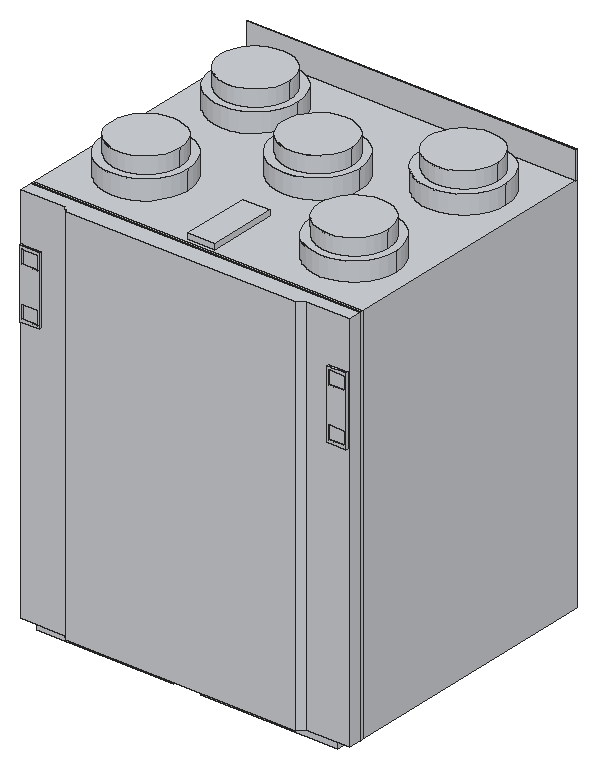
Revit family "210_76e816fbaf1c4786b9d23bb1a32386", category Mechanical Equipment, Revit 2018
Family settings
  Round Connector Dimension = Use Diameter
  Part Type = Breaks Into
  Work Plane-Based = No
  Always vertical = Yes
  Cut with Voids When Loaded = No
  Shared = No
  Room Calculation Point = No
Parameters (values of type "Nordic S2 RER (800110)")
  magiProductId = "76e816fbaf1c4786b9d23bb1a32386"
  magiProductFamilyId = "76e816fbaf1c4786b9d23bb1a32386"
  magiPartTypeId = 210
  fan_pressure_supply [instance] = 0.0 Pa
  fan_pressure_exhaust [instance] = 0.0 Pa
  fan_flow_supply [instance] = 0.0 L/s
  fan_flow_exhaust [instance] = 0.0 L/s
  ang2D [instance] = 0.00°
  YSUP = 370 mm
  YOUT = 370 mm
  YL = 508 mm
  YK = 215 mm
  YEXT = 120 mm
  YEXH = 120 mm
  XT = 50 mm
  XSUP = 110 mm
  XOUT = 490 mm
  XL = 250 mm
  XK = 300 mm
  XEXT = 110 mm
  XEXH = 490 mm
  W2 = 264 mm
  W0 = 518 mm
  W = 500 mm
  VersionID = "2.0/2018.8.28.1/FLEXIT_S3-S2-R_001"
  RC = 62.5 mm
  R1 = 77.5 mm
  R = 62.5 mm
  QmdConnectorList = "221;D;231;D;241;D;249;DC;251;D"
  Productdata [instance] = "© MagiCAD Group, all rights reserved"
  PValue [instance] = 100.0 Pa
  Manufacturer = "Flexit"
  Maintenance Zone Right Depth [instance] = 500 mm
  Maintenance Zone Over Depth [instance] = 500 mm
  MZONL__ve [instance] = -Maintenance Zone Left Depth  # -500 mm
  Maintenance Zone Left Depth [instance] = 500 mm
  MZONF__ve [instance] = -Maintenance Zone Front Depth  # -528 mm
  Maintenance Zone Front Depth [instance] = 528 mm
  Maintenance Zone Back Depth [instance] = 400 mm
  Maintenance Zone Top Visibility [instance] = no
  Maintenance Zone Right Visibility [instance] = no
  Maintenance Zone Left Visibility [instance] = no
  Maintenance Zone Back Visibility [instance] = no
  Maintenance Zone Front Visibility [instance] = no
  MC Ventilation Flow [instance] = 0.0 L/s
  MC Product Code = "Nordic S2 RER (800110)"
  MC Piping Flow [instance] = 0.0 L/s
  MC Cooling Flow [instance] = 0.0 L/s
  LD = 35 mm
  L2 = 300 mm
  HD = 125 mm
  HB = 700 mm
  H = 777 mm
  Description = "Nordic S2 RER (800110)"
  DW = 30 mm
  DL = 64 mm
  DH = 25 mm
  DC = 125 mm
  D = 125 mm
  Clearance Zone Right Depth [instance] = 500 mm
  Clearance Zone Left Depth [instance] = 500 mm
  Clearance Zone Height Depth [instance] = 500 mm
  Clearance Zone Front Depth = 500 mm
  Clearance Zone Back Depth [instance] = 500 mm
  Clearance Zone Visibility [instance] = no
Reference planes
  plane 1 "Center (Front/Back)": y = 0
  plane 2 "XYPLANE": z = 0
  plane 3 "Center (Left/Right)": x = 0
  plane 4 "336": z = 1277
  plane 5 "333": y = -154
  plane 6 "287": y = 262
  plane 7 "285": z = 518
  plane 8 "284": z = 608
  plane 9 "277": x = 280
  plane 10 "276": x = -280
  plane 11 "275": z = 563
  plane 12 "272": x = -300.2
  plane 13 "271": x = 300.2
  plane 14 "270": z = 12.8
  plane 15 "269": z = 713.2
  plane 16 "267": y = -224
  plane 17 "263": y = 5
  plane 18 "262": x = -150
  plane 19 "261": x = 150
  plane 20 "258": x = 220
  plane 21 "257": x = -220
  plane 22 "251": z = 713
  plane 23 "245": z = 13
  plane 24 "235": x = 210
  plane 25 "234": x = -210
  plane 26 "201": y = 49
  plane 27 "200": y = 144
  plane 28 "199": y = -106
  plane 29 "198": y = 144
  plane 30 "197": y = -106
  plane 31 "196": x = 0
  plane 32 "195": x = 190
  plane 33 "194": x = 190
  plane 34 "193": x = -190
  plane 35 "192": x = -190
  plane 36 "133": z = 0
  plane 37 "99": y = -254
  plane 38 "97": x = 300
  plane 39 "59": x = -800
  plane 40 "58": x = 800
  plane 41 "57": y = -764
  plane 42 "56": y = 764
  plane 43 "55": x = -300
  plane 44 "54": x = 300
  plane 45 "53": z = 777
  plane 46 "52": y = -264
  plane 47 "51": y = 264
  plane 48 "48": x = -300
  plane 49 "36": y = 264
  plane 50 "35": x = 0
Forms (mm)
  Blend 1, solid, visible <- "Clearance Zone Visibility"
    base sketch origin (-750, 0, 0) x (1, 0, 0) y (0, 1, 0)
      loop
        line (-50, 764) -> (-50, -764) -> (1550, -764) -> (1550, 764) -> (-50, 764)
    top sketch origin (-750, 0, 0) x (1, 0, 0) y (0, 1, 0)
      loop
        line (-50, 764) -> (-50, -764) -> (1550, -764) -> (1550, 764) -> (-50, 764)
    from 0 to 1277
  Extrusion 2, solid
    sketch origin (-750, 0, 713) x (1, 0, 0) y (0, 1, 0)
      loop
        line (775, -91.5) -> (725, -91.5) -> (725, -216.5) -> (775, -216.5) -> (775, -91.5)
    from 0 to 10
  Extrusion 3, solid
    sketch origin (-750, 0, 713) x (1, 0, 0) y (0, 1, 0)
      loop
        circle (750, 49) r 77.5
    from 0 to 35
  Extrusion 4, solid
    sketch origin (-750, 0, 713) x (1, 0, 0) y (0, 1, 0)
      loop
        circle (940, 144) r 77.5
    from 0 to 35
  Extrusion 5, solid
    sketch origin (-750, 0, 713) x (1, 0, 0) y (0, 1, 0)
      loop
        circle (940, -106) r 77.5
    from 0 to 35
  Extrusion 6, solid
    sketch origin (-750, 0, 713) x (1, 0, 0) y (0, 1, 0)
      loop
        circle (560, 144) r 77.5
    from 0 to 35
  Extrusion 7, solid
    sketch origin (-750, 0, 713) x (1, 0, 0) y (0, 1, 0)
      loop
        circle (560, -106) r 77.5
    from 0 to 35
  Extrusion 8, solid
    sketch origin (750, -254, 0) x (-1, 0, 0) y (0, 0, 1)
      loop
        line (455, 620.5) -> (455, 595.5) -> (485, 595.5) -> (485, 620.5) -> (455, 620.5)
    from 0 to -2
  Extrusion 9, solid
    sketch origin (750, -254, 0) x (-1, 0, 0) y (0, 0, 1)
      loop
        line (455, 530.5) -> (455, 505.5) -> (485, 505.5) -> (485, 530.5) -> (455, 530.5)
    from 0 to -2
  Extrusion 10, solid
    sketch origin (750, -254, 0) x (-1, 0, 0) y (0, 0, 1)
      loop
        line (1015, 620.5) -> (1015, 595.5) -> (1045, 595.5) -> (1045, 620.5) -> (1015, 620.5)
    from 0 to -2
  Extrusion 11, solid
    sketch origin (750, -254, 0) x (-1, 0, 0) y (0, 0, 1)
      loop
        line (1015, 530.5) -> (1015, 505.5) -> (1045, 505.5) -> (1045, 530.5) -> (1015, 530.5)
    from 0 to -2
  Extrusion 12, solid
    sketch origin (-750, 0, 713) x (1, 0, 0) y (0, 1, 0)
      loop
        line (450, 262) -> (1050, 262) -> (1050, 264) -> (450, 264) -> (450, 262)
    from 0 to 50
  Extrusion 13, solid
    sketch origin (750, -254, 0) x (-1, 0, 0) y (0, 0, 1)
      loop
        line (452.5, 625.5) -> (452.5, 500.5) -> (487.5, 500.5) -> (487.5, 625.5) -> (452.5, 625.5)
      loop
        line (455, 530.5) -> (455, 505.5) -> (485, 505.5) -> (485, 530.5) -> (455, 530.5)
      loop
        line (455, 620.5) -> (455, 595.5) -> (485, 595.5) -> (485, 620.5) -> (455, 620.5)
    from 0 to -4
  Extrusion 14, solid
    sketch origin (750, -254, 0) x (-1, 0, 0) y (0, 0, 1)
      loop
        line (1012.5, 625.5) -> (1012.5, 500.5) -> (1047.5, 500.5) -> (1047.5, 625.5) -> (1012.5, 625.5)
      loop
        line (1015, 620.5) -> (1015, 595.5) -> (1045, 595.5) -> (1045, 620.5) -> (1015, 620.5)
      loop
        line (1015, 530.5) -> (1015, 505.5) -> (1045, 505.5) -> (1045, 530.5) -> (1015, 530.5)
    from 0 to -4
  Extrusion 15, solid
    sketch origin (750, -224, 0) x (-1, 0, 0) y (0, 0, 1)
      loop
        line (1050.2, 12.8) -> (1050.2, 713.2) -> (449.8, 713.2) -> (449.8, 12.8) -> (1050.2, 12.8)
    from 0 to -5
  Extrusion 16, solid
    sketch origin (-750, 0, 0) x (1, 0, 0) y (0, 1, 0)
      loop
        line (1025, 259) -> (775, 259) -> (775, -249) -> (1025, -249) -> (1025, 259)
    from 0 to 13
  Extrusion 17, solid
    sketch origin (-750, 0, 0) x (1, 0, 0) y (0, 1, 0)
      loop
        line (725, 259) -> (475, 259) -> (475, -249) -> (725, -249) -> (725, 259)
    from 0 to 13
  Extrusion 18, solid
    sketch origin (-750, 0, 713) x (1, 0, 0) y (0, 1, 0)
      loop
        circle (750, 49) r 62.5
    from 0 to 64 <- "DL"
  Extrusion 19, solid
    sketch origin (-750, 0, 713) x (1, 0, 0) y (0, 1, 0)
      loop
        circle (560, 144) r 62.5
    from 0 to 64 <- "DL"
  Extrusion 20, solid
    sketch origin (-750, 0, 713) x (1, 0, 0) y (0, 1, 0)
      loop
        circle (940, 144) r 62.5
    from 0 to 64 <- "DL"
  Extrusion 21, solid
    sketch origin (-750, 0, 713) x (1, 0, 0) y (0, 1, 0)
      loop
        circle (940, -106) r 62.5
    from 0 to 64 <- "DL"
  Extrusion 22, solid
    sketch origin (-750, 0, 713) x (1, 0, 0) y (0, 1, 0)
      loop
        circle (560, -106) r 62.5
    from 0 to 64 <- "DL"
  Extrusion 23, solid
    sketch origin (-750, 0, 13) x (1, 0, 0) y (0, 1, 0)
      loop
        line (450, 264) -> (450, -254) -> (530, -254) -> (540, -264) -> (960, -264) -> (970, -254) -> (1050, -254) -> (1050, 264) -> (450, 264)
    from 0 to 700 <- "HB"
  Extrusion 24, solid, visible <- "Maintenance Zone Front Visibility"
    sketch origin (750, -264, 0) x (-1, 0, 0) y (0, 0, 1)
      loop
        line (1050, 777) -> (450, 777) -> (450, 0) -> (1050, 0) -> (1050, 777)
    from 0 to -528 <- "MZONF__ve"
  Extrusion 25, solid, visible <- "Maintenance Zone Back Visibility"
    sketch origin (750, 264, 0) x (-1, 0, 0) y (0, 0, 1)
      loop
        line (1050, 0) -> (1050, 777) -> (450, 777) -> (450, 0) -> (1050, 0)
    from 0 to 400 <- "Maintenance Zone Back Depth"
  Extrusion 26, solid, visible <- "Maintenance Zone Left Visibility"
    sketch origin (-300, -750, 0) x (0, 1, 0) y (0, 0, 1)
      loop
        line (1014, 777) -> (486, 777) -> (486, 0) -> (1014, 0) -> (1014, 777)
    from 0 to -500 <- "MZONL__ve"
  Extrusion 27, solid, visible <- "Maintenance Zone Right Visibility"
    sketch origin (300, -750, 0) x (0, 1, 0) y (0, 0, 1)
      loop
        line (1014, 777) -> (486, 777) -> (486, 0) -> (1014, 0) -> (1014, 777)
    from 0 to 500 <- "Maintenance Zone Right Depth"
  Extrusion 28, solid, visible <- "Maintenance Zone Top Visibility"
    sketch origin (-750, 0, 777) x (1, 0, 0) y (0, 1, 0)
      loop
        line (450, 264) -> (450, -264) -> (1050, -264) -> (1050, 264) -> (450, 264)
    from 0 to 500 <- "Maintenance Zone Over Depth"
  Extrusion 29, solid, not visible
    sketch origin (-750, 0, 713) x (1, 0, 0) y (0, 1, 0)
      loop
        circle (750, 49) r 10
    from 0 to -10
  Extrusion 30, solid, not visible
    sketch origin (-750, 0, 713) x (1, 0, 0) y (0, 1, 0)
      loop
        circle (940, -106) r 10
    from 0 to -10
  Extrusion 31, solid, not visible
    sketch origin (-750, 0, 713) x (1, 0, 0) y (0, 1, 0)
      loop
        circle (940, 144) r 10
    from 0 to -10
  Extrusion 32, solid, not visible
    sketch origin (-750, 0, 713) x (1, 0, 0) y (0, 1, 0)
      loop
        circle (560, 144) r 10
    from 0 to -10
  Extrusion 33, solid, not visible
    sketch origin (-750, 0, 713) x (1, 0, 0) y (0, 1, 0)
      loop
        circle (560, -106) r 10
    from 0 to -10
Lines and regions (mm)
  reference lines, not visible
    curve 1: circle (2, 2, 0) r 1 normal (0, 0, 1)
  reference lines
    curve 2: circle (0, -154, 713) r 1 normal (0, 0, 1)
    curve 3: circle (280, -254, 608) r 1 normal (0, -1, 0)
    curve 4: circle (280, -254, 518) r 1 normal (0, -1, 0)
    curve 5: circle (-280, -254, 608) r 1 normal (0, -1, 0)
    curve 6: circle (-280, -254, 518) r 1 normal (0, -1, 0)
    curve 7: circle (280, -254, 563) r 1 normal (0, -1, 0)
    curve 8: circle (280, -254, 518) r 1 normal (0, -1, 0)
    curve 9: circle (280, -254, 608) r 1 normal (0, -1, 0)
    curve 10: circle (-280, -254, 563) r 1 normal (0, -1, 0)
    curve 11: circle (-280, -254, 608) r 1 normal (0, -1, 0)
    curve 12: circle (-280, -254, 518) r 1 normal (0, -1, 0)
    curve 13: circle (150, 5, 0) r 1 normal (0, 0, 1)
    curve 14: circle (-150, 5, 0) r 1 normal (0, 0, 1)
Dimensions and locks
  plane 1 "Center (Front/Back)" to curve 1 = 2 mm
  "Clearance Zone Height Depth": plane 45 "53" to plane 4 "336"
  locked: plane 37 "99" to plane 5 "333" at 100
  locked: plane 49 "36" to plane 6 "287" at 2
  locked: plane 11 "275" to plane 7 "285" at 45
  locked: plane 11 "275" to plane 8 "284" at 45
  locked: plane 38 "97" to plane 9 "277" at 20
  locked: plane 48 "48" to plane 10 "276" at 20
  locked: plane 22 "251" to plane 11 "275" at 150
  locked: plane 48 "48" to plane 12 "272" at 0.2
  locked: plane 38 "97" to plane 13 "271" at 0.2
  locked: plane 23 "245" to plane 14 "270" at 0.2
  locked: plane 22 "251" to plane 15 "269" at 0.2
  locked: plane 49 "36" to plane 16 "267" at 488
  locked: plane 1 "Center (Front/Back)" to plane 17 "263" at 5
  locked: plane 3 "Center (Left/Right)" to plane 18 "262" at 150
  locked: plane 3 "Center (Left/Right)" to plane 19 "261" at 150
  locked: plane 38 "97" to plane 20 "258" at 80
  locked: plane 48 "48" to plane 21 "257" at 80
  "HB": plane 23 "245" to plane 22 "251"
  locked: plane 2 "XYPLANE" to plane 23 "245" at 13
  locked: plane 38 "97" to plane 24 "235" at 90
  locked: plane 48 "48" to plane 25 "234" at 90
  "YK": plane 49 "36" to plane 26 "201"
  "YEXH": plane 49 "36" to plane 27 "200"
  "YOUT": plane 49 "36" to plane 28 "199"
  "YEXT": plane 49 "36" to plane 29 "198"
  "YSUP": plane 49 "36" to plane 30 "197"
  "XK": plane 48 "48" to plane 31 "196"
  "XEXH": plane 48 "48" to plane 32 "195"
  "XOUT": plane 48 "48" to plane 33 "194"
  "XEXT": plane 48 "48" to plane 34 "193"
  "XSUP": plane 48 "48" to plane 35 "192"
  locked: plane 2 "XYPLANE" to plane 36 "133"
  "W0": plane 49 "36" to plane 37 "99"
  "L2": plane 3 "Center (Left/Right)" to plane 38 "97"
  "Clearance Zone Left Depth": plane 43 "55" to plane 39 "59"
  "Clearance Zone Right Depth": plane 44 "54" to plane 40 "58"
  "Clearance Zone Front Depth": plane 46 "52" to plane 41 "57"
  "Clearance Zone Back Depth": plane 47 "51" to plane 42 "56"
  "L2": plane 3 "Center (Left/Right)" to plane 43 "55"
  "L2": plane 3 "Center (Left/Right)" to plane 44 "54"
  "H": plane 2 "XYPLANE" to plane 45 "53"
  "W2": plane 1 "Center (Front/Back)" to plane 46 "52"
  "W2": plane 1 "Center (Front/Back)" to plane 47 "51"
  "L2": plane 3 "Center (Left/Right)" to plane 48 "48"
  "W2": plane 1 "Center (Front/Back)" to plane 49 "36"
  locked: plane 3 "Center (Left/Right)" to plane 50 "35"
  Blend 1 sketch curve to Blend 1 sketch curve = 0 mm  (x16)
  equal spacing: Extrusion 2 sketch curve, curve 2, Extrusion 2 sketch curve  (x2)
  "HD": Extrusion 2 sketch curve to Extrusion 2 sketch curve
  "XT": Extrusion 2 sketch curve to Extrusion 2 sketch curve
  Extrusion 2 sketch curve to Extrusion 2 sketch curve = 0 mm  (x8)
  equal spacing: Extrusion 8 sketch curve, curve 3, Extrusion 8 sketch curve  (x2)
  "DH": Extrusion 8 sketch curve to Extrusion 8 sketch curve
  "DW": Extrusion 8 sketch curve to Extrusion 8 sketch curve
  Extrusion 8 sketch curve to Extrusion 8 sketch curve = 0 mm  (x8)
  equal spacing: Extrusion 9 sketch curve, curve 4, Extrusion 9 sketch curve  (x2)
  "DH": Extrusion 9 sketch curve to Extrusion 9 sketch curve
  "DW": Extrusion 9 sketch curve to Extrusion 9 sketch curve
  Extrusion 9 sketch curve to Extrusion 9 sketch curve = 0 mm  (x8)
  equal spacing: Extrusion 10 sketch curve, curve 5, Extrusion 10 sketch curve  (x2)
  "DH": Extrusion 10 sketch curve to Extrusion 10 sketch curve
  "DW": Extrusion 10 sketch curve to Extrusion 10 sketch curve
  Extrusion 10 sketch curve to Extrusion 10 sketch curve = 0 mm  (x8)
  equal spacing: Extrusion 11 sketch curve, curve 6, Extrusion 11 sketch curve  (x2)
  "DH": Extrusion 11 sketch curve to Extrusion 11 sketch curve
  "DW": Extrusion 11 sketch curve to Extrusion 11 sketch curve
  Extrusion 11 sketch curve to Extrusion 11 sketch curve = 0 mm  (x8)
  Extrusion 12 sketch curve to Extrusion 12 sketch curve = 0 mm  (x8)
  equal spacing: Extrusion 13 sketch curve, curve 7, Extrusion 13 sketch curve  (x2)
  "HD": Extrusion 13 sketch curve to Extrusion 13 sketch curve
  "LD": Extrusion 13 sketch curve to Extrusion 13 sketch curve
  equal spacing: Extrusion 13 sketch curve, curve 8, Extrusion 13 sketch curve  (x2)
  "DH": Extrusion 13 sketch curve to Extrusion 13 sketch curve  (x2)
  "DW": Extrusion 13 sketch curve to Extrusion 13 sketch curve  (x2)
  equal spacing: Extrusion 13 sketch curve, curve 9, Extrusion 13 sketch curve  (x2)
  Extrusion 13 sketch curve to Extrusion 13 sketch curve = 0 mm  (x24)
  equal spacing: Extrusion 14 sketch curve, curve 10, Extrusion 14 sketch curve  (x2)
  "HD": Extrusion 14 sketch curve to Extrusion 14 sketch curve
  "LD": Extrusion 14 sketch curve to Extrusion 14 sketch curve
  equal spacing: Extrusion 14 sketch curve, curve 11, Extrusion 14 sketch curve  (x2)
  "DH": Extrusion 14 sketch curve to Extrusion 14 sketch curve  (x2)
  "DW": Extrusion 14 sketch curve to Extrusion 14 sketch curve  (x2)
  equal spacing: Extrusion 14 sketch curve, curve 12, Extrusion 14 sketch curve  (x2)
  Extrusion 14 sketch curve to Extrusion 14 sketch curve = 0 mm  (x24)
  Extrusion 15 sketch curve to Extrusion 15 sketch curve = 0 mm  (x8)
  equal spacing: Extrusion 16 sketch curve, curve 13, Extrusion 16 sketch curve  (x2)
  "YL": Extrusion 16 sketch curve to Extrusion 16 sketch curve
  "XL": Extrusion 16 sketch curve to Extrusion 16 sketch curve
  Extrusion 16 sketch curve to Extrusion 16 sketch curve = 0 mm  (x8)
  equal spacing: Extrusion 17 sketch curve, curve 14, Extrusion 17 sketch curve  (x2)
  "YL": Extrusion 17 sketch curve to Extrusion 17 sketch curve
  "XL": Extrusion 17 sketch curve to Extrusion 17 sketch curve
  Extrusion 17 sketch curve to Extrusion 17 sketch curve = 0 mm  (x8)
  Extrusion 23 sketch curve to Extrusion 23 sketch curve = 0 mm  (x16)
  Extrusion 24 sketch curve to Extrusion 24 sketch curve = 0 mm  (x8)
  Extrusion 25 sketch curve to Extrusion 25 sketch curve = 0 mm  (x8)
  Extrusion 26 sketch curve to Extrusion 26 sketch curve = 0 mm  (x8)
  Extrusion 27 sketch curve to Extrusion 27 sketch curve = 0 mm  (x8)
  Extrusion 28 sketch curve to Extrusion 28 sketch curve = 0 mm  (x8)
  "R1": radius of Extrusion 3 sketch curve
  "R1": radius of Extrusion 4 sketch curve
  "R1": radius of Extrusion 5 sketch curve
  "R1": radius of Extrusion 6 sketch curve
  "R1": radius of Extrusion 7 sketch curve
  "RC": radius of Extrusion 18 sketch curve
  "R": radius of Extrusion 19 sketch curve
  "R": radius of Extrusion 20 sketch curve
  "R": radius of Extrusion 21 sketch curve
  "R": radius of Extrusion 22 sketch curve
  aligned and locked: level to plane 2 "XYPLANE"
  aligned and locked: Blend 1 sketch curve to plane 39 "59"  (x4)
  aligned and locked: plane 42 "56" to Blend 1 sketch curve  (x2)
  aligned and locked: plane 41 "57" to Blend 1 sketch curve  (x2)
  aligned and locked: Blend 1 sketch curve to plane 40 "58"  (x2)
  aligned and locked: Blend 1 sketch curve to plane 41 "57"  (x2)
  aligned and locked: Blend 1 sketch curve to plane 42 "56"  (x2)
  aligned and locked: plane 40 "58" to Blend 1 sketch curve  (x2)
  aligned and locked: Blend 1 to plane 4 "336"
  aligned and locked: plane 5 "333" to curve 2
  aligned and locked: plane 50 "35" to curve 2
  aligned and locked: plane 26 "201" to Extrusion 3 sketch curve
  aligned and locked: plane 31 "196" to Extrusion 3 sketch curve
  aligned and locked: plane 27 "200" to Extrusion 4 sketch curve
  aligned and locked: plane 32 "195" to Extrusion 4 sketch curve
  aligned and locked: plane 28 "199" to Extrusion 5 sketch curve
  aligned and locked: plane 33 "194" to Extrusion 5 sketch curve
  aligned and locked: plane 29 "198" to Extrusion 6 sketch curve
  aligned and locked: plane 34 "193" to Extrusion 6 sketch curve
  aligned and locked: plane 30 "197" to Extrusion 7 sketch curve
  aligned and locked: plane 35 "192" to Extrusion 7 sketch curve
  aligned and locked: plane 8 "284" to curve 3
  aligned and locked: plane 9 "277" to curve 3
  aligned and locked: plane 7 "285" to curve 4
  aligned and locked: plane 9 "277" to curve 4
  aligned and locked: plane 8 "284" to curve 5
  aligned and locked: plane 10 "276" to curve 5
  aligned and locked: plane 7 "285" to curve 6
  aligned and locked: plane 10 "276" to curve 6
  aligned and locked: plane 48 "48" to Extrusion 12 sketch curve  (x2)
  aligned and locked: plane 6 "287" to Extrusion 12 sketch curve  (x2)
  aligned and locked: plane 49 "36" to Extrusion 12 sketch curve  (x2)
  aligned and locked: plane 38 "97" to Extrusion 12 sketch curve  (x2)
  aligned and locked: plane 9 "277" to curve 7
  aligned and locked: plane 11 "275" to curve 7
  aligned and locked: plane 7 "285" to curve 8
  aligned and locked: plane 9 "277" to curve 8
  aligned and locked: plane 8 "284" to curve 9
  aligned and locked: plane 9 "277" to curve 9
  aligned and locked: plane 10 "276" to curve 10
  aligned and locked: plane 11 "275" to curve 10
  aligned and locked: plane 8 "284" to curve 11
  aligned and locked: plane 10 "276" to curve 11
  aligned and locked: plane 7 "285" to curve 12
  aligned and locked: plane 10 "276" to curve 12
  aligned and locked: Extrusion 15 sketch curve to plane 12 "272"
  aligned and locked: plane 14 "270" to Extrusion 15 sketch curve
  aligned and locked: plane 15 "269" to Extrusion 15 sketch curve  (x2)
  aligned and locked: plane 12 "272" to Extrusion 15 sketch curve
  aligned and locked: plane 13 "271" to Extrusion 15 sketch curve  (x2)
  aligned and locked: Extrusion 15 sketch curve to plane 14 "270"
  aligned and locked: plane 17 "263" to curve 13
  aligned and locked: plane 19 "261" to curve 13
  aligned and locked: plane 17 "263" to curve 14
  aligned and locked: plane 18 "262" to curve 14
  aligned and locked: plane 26 "201" to Extrusion 18 sketch curve
  aligned and locked: plane 31 "196" to Extrusion 18 sketch curve
  aligned and locked: plane 29 "198" to Extrusion 19 sketch curve
  aligned and locked: plane 34 "193" to Extrusion 19 sketch curve
  aligned and locked: plane 27 "200" to Extrusion 20 sketch curve
  aligned and locked: plane 32 "195" to Extrusion 20 sketch curve
  aligned and locked: plane 28 "199" to Extrusion 21 sketch curve
  aligned and locked: plane 33 "194" to Extrusion 21 sketch curve
  aligned and locked: plane 30 "197" to Extrusion 22 sketch curve
  aligned and locked: plane 35 "192" to Extrusion 22 sketch curve
  aligned and locked: Extrusion 23 sketch curve to plane 49 "36"
  aligned and locked: plane 48 "48" to Extrusion 23 sketch curve  (x2)
  aligned and locked: plane 38 "97" to Extrusion 23 sketch curve  (x2)
  aligned and locked: plane 49 "36" to Extrusion 23 sketch curve
  aligned and locked: plane 37 "99" to Extrusion 23 sketch curve  (x4)
  aligned and locked: plane 20 "258" to Extrusion 23 sketch curve
  aligned and locked: plane 24 "235" to Extrusion 23 sketch curve
  aligned and locked: plane 46 "52" to Extrusion 23 sketch curve  (x2)
  aligned and locked: plane 25 "234" to Extrusion 23 sketch curve
  aligned and locked: plane 21 "257" to Extrusion 23 sketch curve
  aligned and locked: plane 45 "53" to Extrusion 24 sketch curve  (x2)
  aligned and locked: plane 43 "55" to Extrusion 24 sketch curve  (x2)
  aligned and locked: plane 44 "54" to Extrusion 24 sketch curve  (x2)
  aligned and locked: plane 36 "133" to Extrusion 24 sketch curve  (x2)
  aligned and locked: plane 36 "133" to Extrusion 25 sketch curve  (x2)
  aligned and locked: plane 43 "55" to Extrusion 25 sketch curve  (x2)
  aligned and locked: plane 44 "54" to Extrusion 25 sketch curve  (x2)
  aligned and locked: plane 45 "53" to Extrusion 25 sketch curve  (x2)
  aligned and locked: plane 45 "53" to Extrusion 26 sketch curve  (x2)
  aligned and locked: plane 47 "51" to Extrusion 26 sketch curve
  aligned and locked: plane 46 "52" to Extrusion 26 sketch curve
  aligned and locked: plane 36 "133" to Extrusion 26 sketch curve  (x2)
  aligned and locked: Extrusion 26 sketch curve to plane 46 "52"
  aligned and locked: Extrusion 26 sketch curve to plane 47 "51"
  aligned and locked: plane 45 "53" to Extrusion 27 sketch curve  (x2)
  aligned and locked: plane 47 "51" to Extrusion 27 sketch curve
  aligned and locked: plane 46 "52" to Extrusion 27 sketch curve
  aligned and locked: plane 36 "133" to Extrusion 27 sketch curve  (x2)
  aligned and locked: Extrusion 27 sketch curve to plane 46 "52"
  aligned and locked: Extrusion 27 sketch curve to plane 47 "51"
  aligned and locked: Extrusion 28 sketch curve to plane 43 "55"
  aligned and locked: plane 47 "51" to Extrusion 28 sketch curve  (x2)
  aligned and locked: plane 46 "52" to Extrusion 28 sketch curve  (x2)
  aligned and locked: plane 43 "55" to Extrusion 28 sketch curve
  aligned and locked: plane 44 "54" to Extrusion 28 sketch curve  (x2)
  aligned and locked: plane 26 "201" to Extrusion 29 sketch curve
  aligned and locked: plane 31 "196" to Extrusion 29 sketch curve
  aligned and locked: plane 28 "199" to Extrusion 30 sketch curve
  aligned and locked: plane 33 "194" to Extrusion 30 sketch curve
  aligned and locked: plane 27 "200" to Extrusion 31 sketch curve
  aligned and locked: plane 32 "195" to Extrusion 31 sketch curve
  aligned and locked: plane 29 "198" to Extrusion 32 sketch curve
  aligned and locked: plane 34 "193" to Extrusion 32 sketch curve
  aligned and locked: plane 30 "197" to Extrusion 33 sketch curve
  aligned and locked: plane 35 "192" to Extrusion 33 sketch curve
Automatic sketch dimensions
  Extrusion 29 sketch curve to Extrusion 29 sketch curve = 10 mm
  Extrusion 30 sketch curve to plane 28 "199" = 10 mm
  Extrusion 31 sketch curve to plane 27 "200" = 10 mm
  Extrusion 32 sketch curve to plane 27 "200" = 10 mm
  Extrusion 33 sketch curve to plane 28 "199" = 10 mm
  plane 3 "Center (Left/Right)" to curve 1 = 2 mm
  Extrusion 2 sketch curve to plane 3 "Center (Left/Right)" = 25 mm
  plane 16 "267" to Extrusion 2 sketch curve = 7.5 mm
  Extrusion 8 sketch curve to plane 38 "97" = 5 mm
  Extrusion 8 sketch curve to plane 8 "284" = 12.5 mm
  Extrusion 9 sketch curve to plane 38 "97" = 5 mm
  Extrusion 9 sketch curve to plane 7 "285" = 12.5 mm
  plane 10 "276" to Extrusion 10 sketch curve = 15 mm
  Extrusion 10 sketch curve to plane 8 "284" = 12.5 mm
  plane 10 "276" to Extrusion 11 sketch curve = 15 mm
  Extrusion 11 sketch curve to plane 7 "285" = 12.5 mm
  Extrusion 13 sketch curve to plane 38 "97" = 2.5 mm
  Extrusion 13 sketch curve to plane 38 "97" = 5 mm  (x2)
  Extrusion 13 sketch curve to plane 7 "285" = 17.5 mm
  Extrusion 13 sketch curve to Extrusion 13 sketch curve = 5 mm
  Extrusion 13 sketch curve to plane 8 "284" = 12.5 mm
  plane 10 "276" to Extrusion 14 sketch curve = 17.5 mm
  Extrusion 14 sketch curve to Extrusion 14 sketch curve = 2.5 mm
  plane 10 "276" to Extrusion 14 sketch curve = 15 mm
  Extrusion 14 sketch curve to plane 7 "285" = 17.5 mm
  Extrusion 14 sketch curve to Extrusion 14 sketch curve = 5 mm
  Extrusion 14 sketch curve to plane 8 "284" = 12.5 mm
  Extrusion 16 sketch curve to plane 6 "287" = 3 mm
  plane 3 "Center (Left/Right)" to Extrusion 16 sketch curve = 25 mm
  plane 10 "276" to Extrusion 17 sketch curve = 5 mm
  plane 37 "99" to Extrusion 17 sketch curve = 5 mm
  radius of curve 2 = 1 mm
  radius of curve 3 = 1 mm
  radius of curve 4 = 1 mm
  radius of curve 5 = 1 mm
  radius of curve 6 = 1 mm
  radius of curve 7 = 1 mm
  radius of curve 8 = 1 mm
  radius of curve 9 = 1 mm
  radius of curve 10 = 1 mm
  radius of curve 11 = 1 mm
  radius of curve 12 = 1 mm
  radius of curve 13 = 1 mm
  radius of curve 14 = 1 mm
  radius of curve 1 = 1 mm
Connectors
  hvac at (-190, -106, 713), driven by "D"
    settings: on Extrusion 33, index 1, duct flow 0.0 L/s, flow factor 0, pres drop 0.0 Pa, loss coef 0, conn angle 0.00°, conn width 304.8 mm, conn height 304.8 mm, conn diameter 125 mm, duct sys type 1, conn prof type 0, flow config 0, flow direction 2, loss method 0, conn ref index -1, conn util no, is conn primary yes, conn desc ""
  hvac at (190, -106, 713), driven by "D"
    settings: on Extrusion 30, index 2, duct flow 0.0 L/s, flow factor 0, pres drop 0.0 Pa, loss coef 0, conn angle 0.00°, conn width 304.8 mm, conn height 304.8 mm, conn diameter 125 mm, duct sys type 1, conn prof type 0, flow config 0, flow direction 1, loss method 0, conn ref index -1, conn util no, is conn primary no, conn desc ""
  hvac at (-190, 144, 713), driven by "D"
    settings: on Extrusion 32, index 3, duct flow 0.0 L/s, flow factor 0, pres drop 0.0 Pa, loss coef 0, conn angle 0.00°, conn width 304.8 mm, conn height 304.8 mm, conn diameter 125 mm, duct sys type 2, conn prof type 0, flow config 0, flow direction 1, loss method 0, conn ref index -1, conn util no, is conn primary no, conn desc ""
  hvac at (0, 49, 713), driven by "DC"
    settings: on Extrusion 29, index 4, duct flow 0.0 L/s, flow factor 0, pres drop 0.0 Pa, loss coef 0, conn angle 0.00°, conn width 304.8 mm, conn height 304.8 mm, conn diameter 125 mm, duct sys type 2, conn prof type 0, flow config 0, flow direction 1, loss method 0, conn ref index -1, conn util no, is conn primary no, conn desc ""
  hvac at (190, 144, 713), driven by "D"
    settings: on Extrusion 31, index 5, duct flow 0.0 L/s, flow factor 0, pres drop 0.0 Pa, loss coef 0, conn angle 0.00°, conn width 304.8 mm, conn height 304.8 mm, conn diameter 125 mm, duct sys type 3, conn prof type 0, flow config 0, flow direction 2, loss method 0, conn ref index -1, conn util no, is conn primary no, conn desc ""
